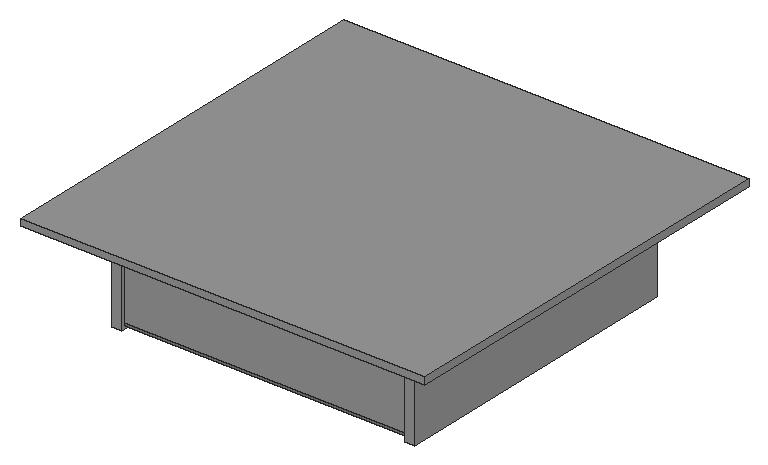
Revit family "Berica 2.0 M", category Lighting Fixtures, Revit 2020 (continued)
Definition of nested family "Light Source Berica 2.0"
  Types (4, lengths in mm): name | Photometric Web File | built-in parameter 1150142
      1 0.01 0.01 0.01 0.01 0.01 0.01 0.01 0.01 0.01 \r\n0.01 0.01 0.01 0.01 0.02 0.05 0.63 1.27 1.84 2.34 2.81 \r\n3.35 3.87 4.34 4.86 5.36 5.97 6.66 7.50 8.59 9.76 10.93 \r\n12.45 14.10 16.31 18.69 21.22 24.86 31.25 40.56 47.39 \r\n54.97 60.49 65.99 73.43 81.66 88.55 95.84 101.75 106.41 \r\n110.42 115.26 120.23 124.98 129.69 134.14 139.13 143.74 \r\n148.98 153.59 158.39 162.81 167.44 171.55 175.41 179.35 \r\n182.95 186.02 187.96 189.49 190.44 \r\n190.44 189.58 188.20 185.87 182.98 178.96 175.27 171.23 \r\n167.07 162.57 158.25 153.37 148.43 143.60 138.67 133.68 \r\n129.22 124.33 119.53 114.59 109.77 105.86 100.69 94.35 \r\n87.57 79.96 72.10 64.84 59.28 53.36 46.20 38.39 29.40 \r\n23.88 20.41 17.87 15.48 13.59 11.91 10.60 9.33 8.26 7.22 \r\n6.40 5.76 5.19 4.67 4.18 3.73 3.17 2.68 2.21 1.66 1.10 \r\n0.42 0.04 0.02 0.01 0.01 0.01 0.01 0.01 0.01 0.01 0.01 \r\n0.01 0.01 0.01 0.01 0.02 0.02 0.02 0.02 0.03 0.03 0.03 \r\n0.04 0.04 0.04 0.04 0.05 0.05 0.05 0.05 0.05 0.05 0.05 \r\n0.05 0.05 0.05 0.05 0.05 0.05 0.05 0.05 0.05 0.05 0.05 \r\n0.05 0.05 0.05 0.04 0.04 0.04 0.04 0.03 0.03 0.03 0.02 \r\n0.02 0.02 0.02 0.01 0.01 0.01 0.01 0.01 0.01 0.01 0.01 \r\n0.01 0.01 0.01 0.01 0.02 0.04 0.42 1.10 1.66 2.21 2.68 \r\n3.17 3.73 4.18 4.67 5.19 5.76 6.40 7.22 8.26 9.33 10.60 \r\n11.91 13.59 15.48 17.87 20.41 23.88 29.40 38.39 46.20 \r\n53.36 59.28 64.84 72.10 79.96 87.57 94.35 100.69 105.86 \r\n109.77 114.59 119.53 124.33 129.22 133.68 138.67 143.60 \r\n148.43 153.37 158.25 162.57 167.07 171.23 175.27 178.96 \r\n182.98 185.87 188.20 189.58 190.44 \r\n190.44 189.27 187.76 185.46 181.90 178.28 174.13 170.07 \r\n166.11 161.64 156.76 151.83 146.60 141.27 137.16 131.62 \r\n127.51 122.63 117.56 112.85 108.20 104.31 98.00 91.65 \r\n84.30 76.37 67.61 62.59 56.45 49.99 42.45 33.23 25.80 \r\n21.81 19.31 16.62 14.55 12.68 11.15 9.85 8.69 7.69 6.81 \r\n6.02 5.46 4.88 4.42 3.97 3.40 2.92 2.43 1.93 1.36 0.80 \r\n0.05 0.02 0.02 0.01 0.01 0.01 0.01 0.01 0.01 0.01 0.02 \r\n0.02 0.02 0.02 0.02 0.03 0.03 0.04 0.04 0.05 0.05 0.05 \r\n0.05 0.06 0.06 0.06 0.06 0.06 0.06 0.06 0.06 0.06 0.06 \r\n0.06 0.06 0.06 0.06 0.06 0.06 0.06 0.06 0.06 0.06 0.06 \r\n0.06 0.06 0.06 0.06 0.06 0.06 0.05 0.05 0.05 0.05 0.04 \r\n0.04 0.03 0.03 0.02 0.02 0.02 0.02 0.02 0.01 0.01 0.01 \r\n0.01 0.01 0.01 0.01 0.02 0.02 0.05 0.80 1.36 1.93 2.43 \r\n2.92 3.40 3.97 4.42 4.88 5.46 6.02 6.81 7.69 8.69 9.85 \r\n11.15 12.68 14.55 16.62 19.31 21.81 25.80 33.23 42.45 \r\n49.99 56.45 62.59 67.61 76.37 84.30 91.65 98.00 104.31 \r\n108.20 112.85 117.56 122.63 127.51 131.62 137.16 141.27 \r\n146.60 151.83 156.76 161.64 166.11 170.07 174.13 178.28 \r\n181.90 185.46 187.76 189.27 190.44 \r\n190.44 189.58 188.20 185.87 182.98 178.96 175.27 171.23 \r\n167.07 162.57 158.25 153.37 148.43 143.60 138.67 133.68 \r\n129.22 124.33 119.53 114.59 109.77 105.86 100.69 94.35 \r\n87.57 79.96 72.10 64.84 59.28 53.36 46.20 38.39 29.40 \r\n23.88 20.41 17.87 15.48 13.59 11.91 10.60 9.33 8.26 7.22 \r\n6.40 5.76 5.19 4.67 4.18 3.73 3.17 2.68 2.21 1.66 1.10 \r\n0.42 0.04 0.02 0.01 0.01 0.01 0.01 0.01 0.01 0.01 0.01 \r\n0.01 0.01 0.01 0.01 0.02 0.02 0.02 0.02 0.03 0.03 0.03 \r\n0.04 0.04 0.04 0.04 0.05 0.05 0.05 0.05 0.05 0.05 0.05 \r\n0.05 0.05 0.05 0.05 0.05 0.05 0.05 0.05 0.05 0.05 0.05 \r\n0.05 0.05 0.05 0.04 0.04 0.04 0.04 0.03 0.03 0.03 0.02 \r\n0.02 0.02 0.02 0.01 0.01 0.01 0.01 0.01 0.01 0.01 0.01 \r\n0.01 0.01 0.01 0.01 0.02 0.04 0.42 1.10 1.66 2.21 2.68 \r\n3.17 3.73 4.18 4.67 5.19 5.76 6.40 7.22 8.26 9.33 10.60 \r\n11.91 13.59 15.48 17.87 20.41 23.88 29.40 38.39 46.20 \r\n53.36 59.28 64.84 72.10 79.96 87.57 94.35 100.69 105.86 \r\n109.77 114.59 119.53 124.33 129.22 133.68 138.67 143.60 \r\n148.43 153.37 158.25 162.57 167.07 171.23 175.27 178.96 \r\n182.98 185.87 188.20 189.58 190.44 \r\n190.44 189.49 187.96 186.02 182.95 179.35 175.41 171.55 \r\n167.44 162.81 158.39 153.59 148.98 143.74 139.13 134.14 \r\n129.69 124.98 120.23 115.26 110.42 106.41 101.75 95.84 \r\n88.55 81.66 73.43 65.99 60.49 54.97 47.39 40.56 31.25 \r\n24.86 21.22 18.69 16.31 14.10 12.45 10.93 9.76 8.59 7.50 \r\n6.66 5.97 5.36 4.86 4.34 3.87 3.35 2.81 2.34 1.84 1.27 \r\n0.63 0.05 0.02 0.01 0.01 0.01 0.01 0.01 0.01 0.01 0.01 \r\n0.01 0.01 0.01 0.01 0.01 0.01 0.02 0.02 0.02 0.02 0.03 \r\n0.03 0.03 0.03 0.04 0.04 0.04 0.04 0.05 0.05 0.05 0.05 \r\n0.05 0.05 0.05 0.05 0.05 0.05 0.05 0.05 0.05 0.05 0.05 \r\n0.04 0.04 0.04 0.04 0.03 0.03 0.03 0.03 0.02 0.02 0.02 \r\n0.02 0.01 0.01 0.01 0.01 0.01 0.01 0.01 0.01 0.01 0.01 \r\n0.01 0.01 0.01 0.01 0.02 0.05 0.63 1.27 1.84 2.34 2.81 \r\n3.35 3.87 4.34 4.86 5.36 5.97 6.66 7.50 8.59 9.76 10.93 \r\n12.45 14.10 16.31 18.69 21.22 24.86 31.25 40.56 47.39 \r\n54.97 60.49 65.99 73.43 81.66 88.55 95.84 101.75 106.41 \r\n110.42 115.26 120.23 124.98 129.69 134.14 139.13 143.74 \r\n148.98 153.59 158.39 162.81 167.44 171.55 175.41 179.35 \r\n182.95 186.02 187.96 189.49 190.44 \r\n190.44 189.51 188.07 185.94 183.08 179.44 175.67 172.18 \r\n167.83 163.56 158.93 154.34 149.55 144.86 139.96 135.24 \r\n130.49 126.10 121.10 116.34 111.79 107.35 103.33 97.50 \r\n91.04 83.51 76.25 68.39 62.58 57.32 51.01 43.99 35.75 \r\n27.79 22.90 20.13 17.49 15.26 13.32 11.76 10.35 9.30 8.12 \r\n7.16 6.32 5.70 5.15 4.62 4.14 3.64 3.08 2.57 2.12 1.50 \r\n0.99 0.25 0.02 0.01 0.01 0.01 0.01 0.01 0.01 0.01 0.01 \r\n0.01 0.01 0.01 0.01 0.01 0.01 0.01 0.01 0.01 0.02 0.02 \r\n0.02 0.02 0.02 0.02 0.03 0.03 0.03 0.03 0.03 0.03 0.04 \r\n0.04 0.04 0.04 0.04 0.04 0.04 0.04 0.04 0.03 0.03 0.03 \r\n0.03 0.03 0.03 0.02 0.02 0.02 0.02 0.02 0.02 0.01 0.01 \r\n0.01 0.01 0.01 0.01 0.01 0.01 0.01 0.01 0.01 0.01 0.01 \r\n0.01 0.01 0.01 0.01 0.02 0.25 0.99 1.50 2.12 2.57 3.08 \r\n3.64 4.14 4.62 5.15 5.70 6.32 7.16 8.12 9.30 10.35 11.76 \r\n13.32 15.26 17.49 20.13 22.90 27.79 35.75 43.99 51.01 \r\n57.32 62.58 68.39 76.25 83.51 91.04 97.50 103.33 107.35 \r\n111.79 116.34 121.10 126.10 130.49 135.24 139.96 144.86 \r\n149.55 154.34 158.93 163.56 167.83 172.18 175.67 179.44 \r\n183.08 185.94 188.07 189.51 190.44 \r\n190.44 189.57 188.02 186.18 183.39 179.75 176.07 172.42 \r\n168.46 164.28 159.64 155.37 150.63 145.95 141.21 136.36 \r\n132.05 127.42 123.07 118.10 113.52 108.78 105.04 99.98 \r\n93.81 87.48 80.25 72.53 65.00 60.32 54.82 48.03 41.30 \r\n32.80 25.65 22.12 19.17 16.88 14.63 12.94 11.37 10.10 \r\n8.91 7.85 6.90 6.18 5.58 4.99 4.48 3.98 3.47 2.91 2.43 \r\n1.91 1.36 0.75 0.11 0.02 0.01 0.01 0.01 0.01 0.01 0.01 \r\n0.01 0.01 0.01 0.01 0.01 0.01 0.01 0.01 0.01 0.01 0.01 \r\n0.01 0.01 0.01 0.01 0.01 0.02 0.02 0.02 0.02 0.02 0.02 \r\n0.02 0.02 0.02 0.02 0.02 0.02 0.02 0.02 0.02 0.02 0.02 \r\n0.02 0.02 0.02 0.02 0.01 0.01 0.01 0.01 0.01 0.01 0.01 \r\n0.01 0.01 0.01 0.01 0.01 0.01 0.01 0.01 0.01 0.01 0.01 \r\n0.01 0.01 0.01 0.01 0.02 0.11 0.75 1.36 1.91 2.43 2.91 \r\n3.47 3.98 4.48 4.99 5.58 6.18 6.90 7.85 8.91 10.10 11.37 \r\n12.94 14.63 16.88 19.17 22.12 25.65 32.80 41.30 48.03 \r\n54.82 60.32 65.00 72.53 80.25 87.48 93.81 99.98 105.04 \r\n108.78 113.52 118.10 123.07 127.42 132.05 136.36 141.21 \r\n145.95 150.63 155.37 159.64 164.28 168.46 172.42 176.07 \r\n179.75 183.39 186.18 188.02 189.57 190.44 \r\n190.44 189.49 188.24 186.31 183.73 180.40 176.63 173.08 \r\n169.30 165.51 160.97 156.72 152.22 147.90 142.86 138.52 \r\n133.78 129.62 125.03 120.58 115.92 111.19 107.18 102.67 \r\n97.99 91.34 84.81 77.44 70.37 63.72 58.87 53.38 46.81 \r\n40.66 31.74 25.91 21.94 19.31 16.87 14.78 12.91 11.47 \r\n10.12 8.96 7.92 6.94 6.23 5.56 4.99 4.47 3.98 3.42 2.93 \r\n2.36 1.86 1.29 0.72 0.10 0.02 0.01 0.01 0.01 0.01 0.01 \r\n0.01 0.01 0.01 0.01 0.01 0.01 0.01 0.01 0.01 0.01 0.01 \r\n0.01 0.01 0.01 0.01 0.01 0.01 0.01 0.01 0.01 0.01 0.01 \r\n0.01 0.01 0.01 0.01 0.01 0.01 0.01 0.01 0.01 0.01 0.01 \r\n0.01 0.01 0.01 0.01 0.01 0.01 0.01 0.01 0.01 0.01 0.01 \r\n0.01 0.01 0.01 0.01 0.01 0.01 0.01 0.01 0.01 0.01 0.01 \r\n0.01 0.01 0.01 0.02 0.10 0.72 1.29 1.86 2.36 2.93 3.42 \r\n3.98 4.47 4.99 5.56 6.23 6.94 7.92 8.96 10.12 11.47 12.91 \r\n14.78 16.87 19.31 21.94 25.91 31.74 40.66 46.81 53.38 \r\n58.87 63.72 70.37 77.44 84.81 91.34 97.99 102.67 107.18 \r\n111.19 115.92 120.58 125.03 129.62 133.78 138.52 142.86 \r\n147.90 152.22 156.72 160.97 165.51 169.30 173.08 176.63 \r\n180.40 183.73 186.31 188.24 189.49 190.44 \r\n190.44 189.58 188.19 186.58 184.13 181.12 177.49 174.15 \r\n170.35 166.87 162.41 158.42 153.91 149.37 144.90 140.70 \r\n135.99 132.10 127.67 123.17 118.52 113.85 109.47 105.15 \r\n101.41 96.10 90.05 83.49 77.10 69.89 63.09 58.31 53.33 \r\n47.18 40.65 33.03 26.36 22.74 19.80 17.57 15.20 13.47 \r\n11.72 10.43 9.20 8.15 7.13 6.35 5.65 5.09 4.56 4.05 3.52 \r\n2.94 2.44 1.90 1.35 0.76 0.14 0.02 0.01 0.01 0.01 0.01 \r\n0.01 0.01 0.01 0.01 0.01 0.01 0.01 0.01 0.01 0.01 0.01 \r\n0.01 0.01 0.01 0.01 0.01 0.01 0.01 0.01 0.01 0.01 0.01 \r\n0.01 0.01 0.01 0.01 0.01 0.01 0.01 0.01 0.01 0.01 0.01 \r\n0.01 0.01 0.01 0.01 0.01 0.01 0.01 0.01 0.01 0.01 0.01 \r\n0.01 0.01 0.01 0.01 0.01 0.01 0.01 0.01 0.01 0.01 0.01 \r\n0.01 0.01 0.02 0.14 0.76 1.35 1.90 2.44 2.94 3.52 4.05 \r\n4.56 5.09 5.65 6.35 7.13 8.15 9.20 10.43 11.72 13.47 \r\n15.20 17.57 19.80 22.74 26.36 33.03 40.65 47.18 53.33 \r\n58.31 63.09 69.89 77.10 83.49 90.05 96.10 101.41 105.15 \r\n109.47 113.85 118.52 123.17 127.67 132.10 135.99 140.70 \r\n144.90 149.37 153.91 158.42 162.41 166.87 170.35 174.15 \r\n177.49 181.12 184.13 186.58 188.19 189.58 190.44 \r\n190.44 189.59 188.38 186.81 184.63 181.89 178.49 175.14 \r\n171.75 167.86 164.41 160.29 156.27 152.03 147.66 143.27 \r\n139.15 134.98 130.66 126.53 122.08 117.58 113.13 108.52 \r\n104.39 100.52 95.36 90.09 83.36 77.29 70.64 64.10 58.85 \r\n54.27 49.00 43.08 36.11 29.64 24.32 21.27 18.86 16.58 \r\n14.48 12.73 11.14 9.91 8.71 7.63 6.72 6.01 5.38 4.77 4.25 \r\n3.71 3.15 2.63 2.08 1.51 0.96 0.31 0.02 0.02 0.01 0.01 \r\n0.01 0.01 0.01 0.01 0.01 0.01 0.01 0.01 0.01 0.01 0.01 \r\n0.01 0.01 0.01 0.01 0.01 0.01 0.01 0.01 0.01 0.01 0.01 \r\n0.01 0.01 0.01 0.01 0.01 0.01 0.01 0.01 0.01 0.01 0.01 \r\n0.01 0.01 0.01 0.01 0.01 0.01 0.01 0.01 0.01 0.01 0.01 \r\n0.01 0.01 0.01 0.01 0.01 0.01 0.01 0.01 0.01 0.01 0.01 \r\n0.02 0.02 0.31 0.96 1.51 2.08 2.63 3.15 3.71 4.25 4.77 \r\n5.38 6.01 6.72 7.63 8.71 9.91 11.14 12.73 14.48 16.58 \r\n18.86 21.27 24.32 29.64 36.11 43.08 49.00 54.27 58.85 \r\n64.10 70.64 77.29 83.36 90.09 95.36 100.52 104.39 108.52 \r\n113.13 117.58 122.08 126.53 130.66 134.98 139.15 143.27 \r\n147.66 152.03 156.27 160.29 164.41 167.86 171.75 175.14 \r\n178.49 181.89 184.63 186.81 188.38 189.59 190.44 \r\n190.44 189.71 188.67 187.09 185.04 182.59 179.56 176.35 \r\n173.12 169.82 166.40 162.54 159.01 154.42 150.77 146.35 \r\n142.37 138.05 134.00 129.68 125.95 121.78 117.45 112.92 \r\n108.27 104.40 100.01 95.96 90.56 84.85 78.86 72.88 66.40 \r\n60.50 55.68 51.60 46.23 40.45 34.76 27.74 23.68 20.88 \r\n18.56 16.19 14.30 12.45 11.05 9.71 8.57 7.45 6.56 5.83 \r\n5.18 4.58 4.05 3.52 2.91 2.41 1.80 1.28 0.69 0.09 0.02 \r\n0.01 0.01 0.01 0.01 0.01 0.01 0.01 0.01 0.01 0.01 0.01 \r\n0.01 0.01 0.01 0.01 0.01 0.01 0.01 0.01 0.01 0.01 0.01 \r\n0.01 0.01 0.01 0.01 0.01 0.01 0.01 0.01 0.01 0.01 0.01 \r\n0.01 0.01 0.01 0.01 0.01 0.01 0.01 0.01 0.01 0.01 0.01 \r\n0.01 0.01 0.01 0.01 0.01 0.01 0.01 0.01 0.01 0.01 0.01 \r\n0.02 0.09 0.69 1.28 1.80 2.41 2.91 3.52 4.05 4.58 5.18 \r\n5.83 6.56 7.45 8.57 9.71 11.05 12.45 14.30 16.19 18.56 \r\n20.88 23.68 27.74 34.76 40.45 46.23 51.60 55.68 60.50 \r\n66.40 72.88 78.86 84.85 90.56 95.96 100.01 104.40 108.27 \r\n112.92 117.45 121.78 125.95 129.68 134.00 138.05 142.37 \r\n146.35 150.77 154.42 159.01 162.54 166.40 169.82 173.12 \r\n176.35 179.56 182.59 185.04 187.09 188.67 189.71 190.44 \r\n190.44 189.79 188.69 187.33 185.62 183.36 180.57 177.75 \r\n174.71 171.78 168.36 165.23 161.64 157.89 153.80 149.89 \r\n146.11 142.08 138.28 134.19 130.14 125.99 121.99 117.74 \r\n113.67 109.16 104.77 100.56 96.47 92.23 87.29 81.84 76.28 \r\n70.10 64.31 58.79 54.07 50.25 45.55 40.52 35.10 29.14 \r\n24.41 21.61 19.00 16.84 14.76 12.94 11.41 10.04 8.84 7.66 \r\n6.68 5.89 5.17 4.55 4.04 3.47 2.87 2.26 1.67 1.13 0.56 \r\n0.05 0.02 0.01 0.01 0.01 0.01 0.01 0.01 0.01 0.01 0.01 \r\n0.01 0.01 0.01 0.01 0.01 0.01 0.01 0.01 0.01 0.01 0.01 \r\n0.01 0.01 0.01 0.01 0.01 0.01 0.01 0.01 0.01 0.01 0.01 \r\n0.01 0.01 0.01 0.01 0.01 0.01 0.01 0.01 0.01 0.01 0.01 \r\n0.01 0.01 0.01 0.01 0.01 0.01 0.01 0.01 0.01 0.02 0.05 \r\n0.56 1.13 1.67 2.26 2.87 3.47 4.04 4.55 5.17 5.89 6.68 \r\n7.66 8.84 10.04 11.41 12.94 14.76 16.84 19.00 21.61 24.41 \r\n29.14 35.10 40.52 45.55 50.25 54.07 58.79 64.31 70.10 \r\n76.28 81.84 87.29 92.23 96.47 100.56 104.77 109.16 113.67 \r\n117.74 121.99 125.99 130.14 134.19 138.28 142.08 146.11 \r\n149.89 153.80 157.89 161.64 165.23 168.36 171.78 174.71 \r\n177.75 180.57 183.36 185.62 187.33 188.69 189.79 190.44 \r\n190.44 189.81 188.91 187.67 186.27 184.57 181.99 179.31 \r\n176.60 173.68 170.83 167.55 164.53 160.89 157.31 153.90 \r\n150.29 146.41 142.71 138.72 134.82 130.87 126.94 123.25 \r\n119.12 114.88 110.72 106.43 102.02 97.84 93.80 89.96 \r\n85.36 80.25 74.54 69.74 64.28 58.69 53.96 49.93 46.11 \r\n41.74 37.05 31.85 26.36 22.89 20.39 18.19 16.20 14.30 \r\n12.35 10.93 9.52 8.26 7.13 6.22 5.43 4.74 4.15 3.56 2.93 \r\n2.34 1.70 1.12 0.58 0.09 0.05 0.04 0.04 0.03 0.03 0.03 \r\n0.03 0.02 0.02 0.02 0.02 0.02 0.02 0.01 0.01 0.01 0.01 \r\n0.01 0.01 0.01 0.01 0.01 0.01 0.01 0.01 0.01 0.01 0.01 \r\n0.01 0.01 0.01 0.01 0.01 0.01 0.01 0.01 0.02 0.02 0.02 \r\n0.02 0.02 0.02 0.03 0.03 0.03 0.03 0.04 0.04 0.05 0.09 \r\n0.58 1.12 1.70 2.34 2.93 3.56 4.15 4.74 5.43 6.22 7.13 \r\n8.26 9.52 10.93 12.35 14.30 16.20 18.19 20.39 22.89 26.36 \r\n31.85 37.05 41.74 46.11 49.93 53.96 58.69 64.28 69.74 \r\n74.54 80.25 85.36 89.96 93.80 97.84 102.02 106.43 110.72 \r\n114.88 119.12 123.25 126.94 130.87 134.82 138.72 142.71 \r\n146.41 150.29 153.90 157.31 160.89 164.53 167.55 170.83 \r\n173.68 176.60 179.31 181.99 184.57 186.27 187.67 188.91 \r\n189.81 190.44 \r\n190.44 189.90 189.19 188.06 186.81 185.22 183.34 181.04 \r\n178.60 175.79 173.20 170.65 167.55 164.56 161.36 157.99 \r\n154.64 151.22 147.32 144.11 140.25 136.58 132.57 128.77 \r\n124.98 121.21 116.96 113.33 108.97 104.78 100.70 96.13 \r\n92.41 88.18 84.32 79.74 74.79 69.76 65.34 60.19 55.64 \r\n50.99 47.19 43.64 39.81 35.86 31.24 26.71 23.17 20.69 \r\n18.33 16.51 14.28 12.65 10.95 9.54 8.20 7.09 6.06 5.26 \r\n4.51 3.89 3.25 2.56 2.00 1.35 0.81 0.31 0.19 0.17 0.15 \r\n0.14 0.13 0.12 0.11 0.10 0.09 0.08 0.07 0.06 0.05 0.04 \r\n0.03 0.02 0.02 0.02 0.02 0.02 0.02 0.02 0.02 0.02 0.02 \r\n0.02 0.02 0.02 0.02 0.02 0.03 0.04 0.05 0.06 0.07 0.08 \r\n0.09 0.10 0.11 0.12 0.13 0.14 0.15 0.17 0.19 0.31 0.81 \r\n1.35 2.00 2.56 3.25 3.89 4.51 5.26 6.06 7.09 8.20 9.54 \r\n10.95 12.65 14.28 16.51 18.33 20.69 23.17 26.71 31.24 \r\n35.86 39.81 43.64 47.19 50.99 55.64 60.19 65.34 69.76 \r\n74.79 79.74 84.32 88.18 92.41 96.13 100.70 104.78 108.97 \r\n113.33 116.96 121.21 124.98 128.77 132.57 136.58 140.25 \r\n144.11 147.32 151.22 154.64 157.99 161.36 164.56 167.55 \r\n170.65 173.20 175.79 178.60 181.04 183.34 185.22 186.81 \r\n188.06 189.19 189.90 190.44 \r\n190.44 189.91 189.20 188.33 187.35 186.16 184.54 182.79 \r\n180.57 178.23 175.81 173.19 170.74 167.83 165.29 162.18 \r\n159.28 155.90 152.82 149.33 145.93 142.28 138.91 135.31 \r\n131.53 127.62 123.90 120.24 116.00 112.36 108.10 104.37 \r\n100.12 95.74 91.35 87.40 83.17 79.76 75.69 71.35 66.95 \r\n62.41 58.10 53.91 49.47 45.63 42.52 39.13 36.08 32.28 \r\n28.59 24.61 21.66 19.47 17.45 15.29 13.60 11.76 10.20 \r\n8.74 7.30 6.26 5.29 4.51 3.87 3.22 2.53 1.88 1.29 0.82 \r\n0.48 0.43 0.40 0.37 0.34 0.31 0.28 0.25 0.22 0.19 0.16 \r\n0.13 0.10 0.07 0.05 0.03 0.02 0.02 0.02 0.02 0.02 0.02 \r\n0.02 0.02 0.02 0.03 0.05 0.07 0.10 0.13 0.16 0.19 0.22 \r\n0.25 0.28 0.31 0.34 0.37 0.40 0.43 0.48 0.82 1.29 1.88 \r\n2.53 3.22 3.87 4.51 5.29 6.26 7.30 8.74 10.20 11.76 13.60 \r\n15.29 17.45 19.47 21.66 24.61 28.59 32.28 36.08 39.13 \r\n42.52 45.63 49.47 53.91 58.10 62.41 66.95 71.35 75.69 \r\n79.76 83.17 87.40 91.35 95.74 100.12 104.37 108.10 112.36 \r\n116.00 120.24 123.90 127.62 131.53 135.31 138.91 142.28 \r\n145.93 149.33 152.82 155.90 159.28 162.18 165.29 167.83 \r\n170.74 173.19 175.81 178.23 180.57 182.79 184.54 186.16 \r\n187.35 188.33 189.20 189.91 190.44 \r\n190.44 190.00 189.50 188.73 187.85 186.91 185.66 184.29 \r\n182.72 180.75 178.65 176.20 174.08 171.66 169.17 166.57 \r\n163.83 161.17 158.16 155.15 152.13 148.75 145.57 142.34 \r\n138.67 135.12 131.56 127.77 124.05 120.13 116.25 112.57 \r\n108.51 104.40 100.44 96.24 92.00 88.04 83.88 79.92 75.98 \r\n72.27 68.32 64.72 60.92 57.01 52.94 49.28 45.69 42.05 \r\n38.96 36.03 33.34 30
